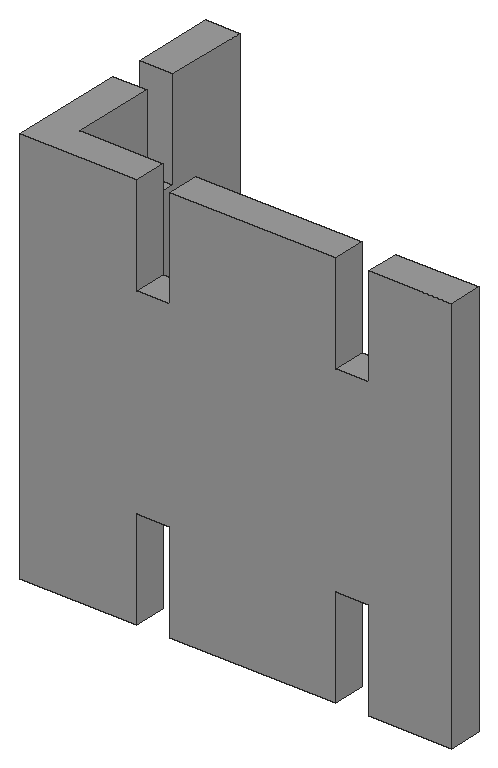
Revit family "SCT_Face Based PARTS", category Generic Models, host Face, Revit 2019
Family settings
  Host = Face
  Can host rebar = No
  Round Connector Dimension = Use Diameter
  Part Type = Normal
  Cut with Voids When Loaded = No
  Shared = No
  Room Calculation Point = No
Parameters
  Default Elevation = 1219.2 mm
  B gran = 100 mm
  B petita = 50 mm
Reference planes
  plane 1 "Center (Front/Back)": y = 0
  plane 2: z = 0
  plane 3 "Center (Left/Right)": x = 0
  plane 4: x = -100
  plane 5: x = -50
  plane 6: y = -50
  plane 7: y = -100
Dimensions and locks
  "B petita": plane 4 to plane 5
  "B gran": plane 4 to plane 3 "Center (Left/Right)"
  "B petita": plane 6 to plane 7
  "B gran": plane 1 "Center (Front/Back)" to plane 7
  aligned and locked: plane 2 to host face
  aligned and locked: level to host face
  aligned and locked: plane 4 to nested 1  (x2)
  aligned and locked: plane 3 "Center (Left/Right)" to nested 1
  aligned and locked: plane 7 to nested 1
  aligned and locked: nested 1 to plane 1 "Center (Front/Back)"
  aligned and locked: nested 1 to plane 3 "Center (Left/Right)"
  aligned and locked: nested 1 to plane 2
Automatic sketch dimensions
  host sketch curve to host sketch curve = 2438.4 mm  (x2)
Nested families
  nested 1: "SCT_Generic Model PARTS" at (-100, -450, -300), type "SCT_Generic Model PARTS"
Definition of nested family "SCT_Generic Model PARTS"
  Parameters (values of type "SCT_Generic Model PARTS")
    Semi Gruix = Gruix / 2  # 50 mm
    Semi Eix Llarg = Eix Llarg / 4  # 300 mm
    Semi Eix Curt = Eix Curt / 2  # 300 mm
    Material = none
    Gruix = 100 mm
    Eix Llarg = 2 * Eix Curt  # 1200 mm
    Eix Curt = 600 mm
    Altura Forat = Altura / 4  # 300 mm
    Altura = Eix Llarg  # 1200 mm
  Reference planes
    plane 1 "Center (Front/Back)": y = 0
    plane 2: z = 0
    plane 3 "Center (Left/Right)": x = 0
    plane 4: y = 700
    plane 5: x = 1300
    plane 6: x = 100
    plane 7: y = 100
    plane 8: z = 1200
    plane 9: y = 400
    plane 10: x = 400
    plane 11: x = 1000
    plane 12: x = 50
    plane 13: y = 50
    plane 14: y = 450
    plane 15: y = 350
    plane 16: x = 350
    plane 17: x = 450
    plane 18: x = 950
    plane 19: x = 1050
    plane 20: z = 300
    plane 21: z = 900
  Forms (mm)
    Extrusion 1, solid, material <- "Material"
      sketch origin (0, 0, 0) x (1, 0, 0) y (0, 1, 0)
        loop
          line (0, 700) -> (0, 0) -> (1300, 0) -> (1300, 100) -> (100, 100) -> (100, 700) -> (0, 700)
      from 0 to 1200
    Extrusion 2, void
      sketch origin (0, 0, 0) x (1, 0, 0) y (0, 1, 0)
        loop
          line (0, 450) -> (0, 350) -> (100, 350) -> (100, 450) -> (0, 450)
        loop
          line (350, 0) -> (450, 0) -> (450, 100) -> (350, 100) -> (350, 0)
        loop
          line (950, 0) -> (1050, 0) -> (1050, 100) -> (950, 100) -> (950, 0)
      from 0 to 300
    Extrusion 3, void
      sketch origin (0, 0, 1142.056) x (0, -1, 0) y (1, 0, 0)
        loop
          line (-450, 0) -> (-350, 0) -> (-350, 100) -> (-450, 100) -> (-450, 0)
        loop
          line (0, 350) -> (0, 450) -> (-100, 450) -> (-100, 350) -> (0, 350)
        loop
          line (0, 950) -> (0, 1050) -> (-100, 1050) -> (-100, 950) -> (0, 950)
      from -242.056 to 57.944
  Cuts and joins
    Extrusion 2, Extrusion 3 cuts Extrusion 1
  Dimensions and locks
    "Gruix": plane 3 "Center (Left/Right)" to plane 6
    "Gruix": plane 7 to plane 1 "Center (Front/Back)"
    "Eix Curt": plane 4 to plane 7
    "Eix Llarg": plane 6 to plane 5
    "Semi Eix Curt": plane 9 to plane 7
    "Semi Eix Llarg": plane 6 to plane 10
    "Semi Eix Llarg": plane 11 to plane 5
    "Semi Gruix": plane 1 "Center (Front/Back)" to plane 13
    "Semi Gruix": plane 3 "Center (Left/Right)" to plane 12
    "Gruix": plane 14 to plane 15
    "Semi Gruix": plane 9 to plane 14
    "Gruix": plane 16 to plane 17
    "Gruix": plane 18 to plane 19
    "Semi Gruix": plane 10 to plane 17
    "Semi Gruix": plane 11 to plane 19
    "Altura": plane 8 to plane 2
    "Altura Forat": plane 20 to plane 2
    "Altura Forat": plane 8 to plane 21
    aligned and locked: level to plane 2
    aligned and locked: Extrusion 1 to plane 3 "Center (Left/Right)"
    aligned and locked: plane 1 "Center (Front/Back)" to Extrusion 1
    aligned and locked: plane 4 to Extrusion 1
    aligned and locked: plane 6 to Extrusion 1
    aligned and locked: plane 5 to Extrusion 1
    aligned and locked: plane 7 to Extrusion 1
    aligned and locked: Extrusion 1 to plane 8
    aligned and locked: plane 14 to Extrusion 2
    aligned and locked: Extrusion 2 to plane 15
    aligned and locked: plane 6 to Extrusion 2
    aligned and locked: Extrusion 2 to plane 3 "Center (Left/Right)"
    aligned and locked: plane 7 to Extrusion 2  (x2)
    aligned and locked: plane 1 "Center (Front/Back)" to Extrusion 2  (x2)
    aligned and locked: plane 17 to Extrusion 2
    aligned and locked: plane 16 to Extrusion 2
    aligned and locked: plane 18 to Extrusion 2
    aligned and locked: plane 19 to Extrusion 2
    aligned and locked: Extrusion 3 to plane 21
    aligned and locked: Extrusion 3 to plane 8
    aligned and locked: plane 20 to Extrusion 2
    aligned and locked: Extrusion 2 to plane 2
  Automatic sketch dimensions
    Extrusion 1 sketch curve to plane 3 "Center (Left/Right)" = 0 mm
    Extrusion 1 sketch curve to plane 4 = 0 mm
    Extrusion 1 sketch curve to plane 6 = 0 mm
    plane 1 "Center (Front/Back)" to Extrusion 1 sketch curve = 0 mm
    Extrusion 1 sketch curve to plane 5 = 0 mm
    Extrusion 1 sketch curve to plane 7 = 0 mm
    Extrusion 2 sketch curve to plane 3 "Center (Left/Right)" = 0 mm
    Extrusion 2 sketch curve to plane 6 = 0 mm
    Extrusion 2 sketch curve to plane 7 = 0 mm  (x2)
    Extrusion 2 sketch curve to plane 16 = 0 mm
    Extrusion 2 sketch curve to plane 17 = 0 mm
    Extrusion 2 sketch curve to plane 18 = 0 mm
    Extrusion 2 sketch curve to plane 19 = 0 mm
    plane 1 "Center (Front/Back)" to Extrusion 2 sketch curve = 0 mm  (x2)
    Extrusion 2 sketch curve to plane 15 = 0 mm
    Extrusion 2 sketch curve to plane 14 = 0 mm
    Extrusion 3 sketch curve to plane 6 = 0 mm
    Extrusion 3 sketch curve to plane 14 = 0 mm
    Extrusion 3 sketch curve to plane 3 "Center (Left/Right)" = 0 mm
    Extrusion 3 sketch curve to plane 15 = 0 mm
    Extrusion 3 sketch curve to plane 7 = 0 mm  (x2)
    plane 1 "Center (Front/Back)" to Extrusion 3 sketch curve = 0 mm  (x2)
    Extrusion 3 sketch curve to plane 16 = 0 mm
    Extrusion 3 sketch curve to plane 17 = 0 mm
    Extrusion 3 sketch curve to plane 18 = 0 mm
    Extrusion 3 sketch curve to plane 19 = 0 mm
